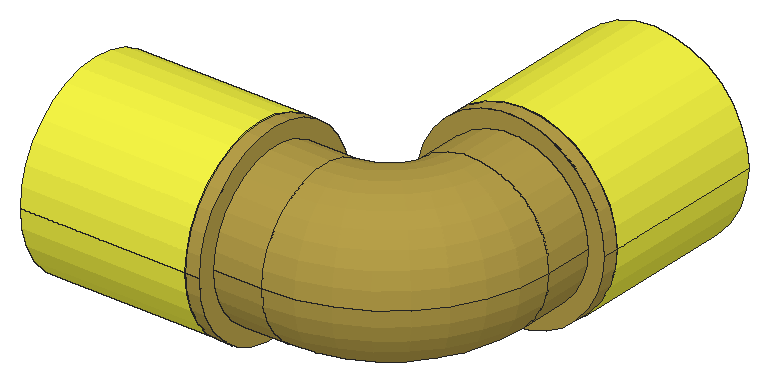
Revit family "Фитинг_Weser_Угольник_90°_равнопроходной", category Соединительные детали трубопроводов, Revit 2020
Family settings
  Размер круглого соединителя = Использовать диаметр
  Тип детали = Отвод
  Номер OmniClass = 23.60.30.11.14
  Заголовок OmniClass = Pipework Fittings
  На основе рабочей плоскости = Нет
  Всегда вертикально = Да
  При загрузке вырезать с полостями = Нет
  Общий = Да
Parameters (values of type "Латунь")
  Угол [instance] = 90.00°
  Радиус изгиба [instance] = WSR_D1 / 2 + 1 mm  # 17 mm
  Отметка по умолчанию = 0 mm
  Материал = Латунь
  WSR_D1 [instance] = 32 mm
  URL = "https://www.weser.ru/about/documentation/"
  Type Image = (empty or 0)
  Model = ""
  Manufacturer = ""
  LT = "Фитинг_Weser_Угольник_90°_равнопроходной(Наименование)"
  Description = ""
  D [instance] = size_lookup(LT, "D", WSR_D1 * 2, WSR_D1)  # 62.2 mm
  C [instance] = size_lookup(LT, "C", WSR_D1, WSR_D1)  # 32.2 mm
  B [instance] = size_lookup(LT, "B", WSR_D1 + 5 mm, WSR_D1)  # 39 mm
  ADSK_Наименование краткое = "Уг."  # constant formula
  ADSK_Наименование [instance] = size_lookup(LT, "", "не найдено", WSR_D1)  # "Угольник 90° равнопроходной DN32"
  ADSK_Масса_Текст [instance] = ""
  ADSK_Масса [instance] = 0
  ADSK_Марка = "WESERpex "  # constant formula
  ADSK_Код изделия [instance] = size_lookup(LT, "art", "не найдено", WSR_D1)  # "520108"
  ADSK_Завод-изготовитель = "Weser"  # constant formula
  ADSK_Единица измерения = "шт."  # constant formula
  ADSK_Группирование [instance] = ""
  A [instance] = size_lookup(LT, "A", WSR_D1 - 1 mm, WSR_D1)  # 25.5 mm
Reference planes
  plane 1 "Center (Front/Back)": y = 0
  plane 2: z = 0
  plane 3 "Center (Left/Right)": x = 0
  plane 4: x = -17
  plane 5: y = 17
  plane 6: x = -62.2
  plane 7 "b2": x = -30
  plane 8 "b1": y = 30
  plane 9: y = 62.2
  plane 10: y = 27
  plane 11: x = -27
Forms (mm)
  Sweep 1, solid, material "Латунь" <- "Материал", detail levels fine
    path in 3D
      loop
        arc (-17, 0, 0) -> (-4.979, 4.979, 0) -> (0, 17, 0) r 17
    profile origin (-4.979, 4.979, 0) x (-0.707107, 0.707107, 0) y (0, 0, 1)
      loop
        circle (0, 0) r 16
  Sweep 2, solid, material "Латунь" <- "Материал", detail levels fine
    path origin (0, 0, 0) x (1, 0, 0) y (0, 1, 0)
      loop
        line (-30, 0) -> (-17, 0)
    profile origin (-23.5, 0, 0) x (0, 1, 0) y (0, 0, 1)
      loop
        circle (0, 0) r 16
  Sweep 3, solid, material "Латунь" <- "Материал", detail levels fine
    path in 3D
      loop
        line (0, 17, 0) -> (0, 30, 0)
    profile origin (0, 23.5, 0) x (-1, 0, 0) y (0, 0, 1)
      loop
        circle (0, 0) r 16
  Sweep 4, solid, material "Латунь" <- "Материал", detail levels fine
    path origin (0, 0, 0) x (1, 0, 0) y (0, 1, 0)
      loop
        line (-62.2, 0) -> (-30, 0)
    profile origin (-46.1, 0, 0) x (0, 1, 0) y (0, 0, 1)
      loop
        circle (0, 0) r 12.75
  Extrusion 5, solid, material "Латунь" <- "Материал", detail levels fine
    sketch origin (0, 30, 0) x (-1, 0, 0) y (0, 0, 1)
      loop
        circle (0, 0) r 12.75
    from 0 to 32.2
  Extrusion 6, solid, material "Латунь" <- "Материал", detail levels fine
    sketch origin (0, 30, 0) x (-1, 0, 0) y (0, 0, 1)
      loop
        circle (0, 0) r 19.5
    from 0 to -3
  Extrusion 7, solid, material "Латунь" <- "Материал", detail levels fine
    sketch origin (-30, 0, 0) x (0, 1, 0) y (0, 0, 1)
      loop
        circle (0, 0) r 19.5
    from 0 to 3
Cuts and joins
  joined: Sweep 1, Sweep 2, Sweep 3, Extrusion 5, Extrusion 6, Extrusion 7
Lines and regions (mm)
  reference lines
    curve 1: arc (-17, 0, 0) -> (-4.979, 4.979, 0) -> (0, 17, 0) r 17
    curve 2: line (0, 0, 0) -> (0, 63.2, 0)
    curve 3: line (0, 0, 0) -> (0, 30, 0)
    curve 4: line (0, 17, 0) -> (0, 30, 0)
    curve 7: line (0, 30, 0) -> (0, 63.2, 0)
  sketch lines
    curve 5: arc (-17, 0, 0) -> (-4.979, 4.979, 0) -> (0, 17, 0) r 17
    curve 6: line (0, 17, 0) -> (0, 30, 0)
  model lines, detail levels coarse+medium
    curve 8: line (0, 62.2, 0) -> (0, 15, 0)
    curve 9: line (-15, 0, 0) -> (-62.2, 0, 0)
    curve 10: arc (-15, 0, 0) -> (-4.393, 4.393, 0) -> (0, 15, 0) r 15
    curve 11: line (-17, 62.2, 0) -> (17, 62.2, 0)
    curve 12: line (-62.2, 17, 0) -> (-62.2, -17, 0)
Dimensions and locks
  "Радиус изгиба": plane 4 to plane 3 "Center (Left/Right)"  (x2)
  plane 5 to plane 1 "Center (Front/Back)" = 17 mm
  "D": plane 6 to plane 3 "Center (Left/Right)"
  "C": plane 6 to plane 7 "b2"
  "D": plane 1 "Center (Front/Back)" to plane 9
  "C": plane 9 to plane 8 "b1"
  plane 8 "b1" to plane 10 = 3 mm
  plane 7 "b2" to plane 11 = 3 mm
  "Радиус изгиба": plane 1 "Center (Front/Back)" to plane 5
  equal spacing: plane 4, plane 3 "Center (Left/Right)", curve 11
  equal spacing: plane 5, plane 1 "Center (Front/Back)", curve 12
  "Радиус изгиба": radius of curve 1
  "WSR_D1": diameter of Sweep 1 sketch curve
  "WSR_D1": diameter of Sweep 2 sketch curve
  "WSR_D1": diameter of Sweep 3 sketch curve
  "A": diameter of Sweep 4 sketch curve
  "A": diameter of Extrusion 5 sketch curve
  "B": diameter of Extrusion 6 sketch curve
  "B": diameter of Extrusion 7 sketch curve
  "Угол": angle curve 1 to curve 1
  "Угол": angle plane 1 "Center (Front/Back)" to nested 1
  aligned and locked: level to plane 2
  aligned and locked: plane 3 "Center (Left/Right)" to curve 2
  aligned and locked: plane 1 "Center (Front/Back)" to curve 2
  aligned and locked: plane 7 "b2" to Sweep 2 sketch curve
  aligned and locked: plane 4 to Sweep 2 sketch curve
  aligned and locked: plane 1 "Center (Front/Back)" to Sweep 2 sketch curve
  aligned and locked: plane 6 to Sweep 4 sketch curve
  aligned and locked: plane 7 "b2" to Sweep 4 sketch curve
  aligned and locked: plane 1 "Center (Front/Back)" to Sweep 4 sketch curve
  aligned and locked: nested 1 to Sweep 3
  aligned and locked: plane 7 "b2" to nested 2
  aligned and locked: plane 1 "Center (Front/Back)" to nested 2
  aligned and locked: plane 9 to Extrusion 5
  aligned and locked: Extrusion 6 to plane 10
  aligned and locked: plane 11 to Extrusion 7
  aligned and locked: curve 9 to plane 1 "Center (Front/Back)"
  aligned and locked: plane 6 to curve 9
  aligned and locked: plane 9 to curve 8
  aligned and locked: curve 8 to plane 3 "Center (Left/Right)"
  aligned and locked: plane 4 to curve 11
  aligned and locked: plane 5 to curve 12
  aligned and locked: curve 11 to plane 9
  aligned and locked: curve 12 to plane 6
Automatic sketch dimensions
  plane 4 to curve 9 = 2 mm
  plane 1 "Center (Front/Back)" to curve 1 = 0 mm
  curve 4 to plane 5 = 0 mm
  curve 7 to plane 8 "b1" = 0 mm
  plane 9 to curve 7 = 1 mm
  Sweep 1 sketch curve to profile plane = 0 mm
  profile plane to Sweep 1 sketch curve = 0 mm
  Sweep 2 sketch curve to level = 0 mm
  Sweep 2 sketch curve to profile plane = 0 mm
  Sweep 3 sketch curve to profile plane = 0 mm  (x2)
  Sweep 4 sketch curve to profile plane = 0 mm  (x2)
  Extrusion 5 sketch curve to level = 0 mm
  Extrusion 5 sketch curve to plane 3 "Center (Left/Right)" = 0 mm
  Extrusion 6 sketch curve to level = 0 mm
  Extrusion 6 sketch curve to plane 3 "Center (Left/Right)" = 0 mm
  Extrusion 7 sketch curve to level = 0 mm
  Extrusion 7 sketch curve to plane 1 "Center (Front/Back)" = 0 mm
Nested families
  nested 1: "Фитинг_Weser_Гильза монтажная, латунь" at (0, 30, 0) x (0, 1, 0) z (0, 0, 1), ADSK_Диаметр условный <- "WSR_D1", type "Желтая", detail levels fine
    with Радиус Наружный 19.5 mm, Радиус Внутренний 16.4 mm, ADSK_Наименование "Гильза монтажная DN32", Длина 34 mm, Видимость yes, ADSK_Примечание "", ADSK_Масса_Текст "", ADSK_Код изделия "520032", ADSK_Диаметр условный 32 mm, ADSK_Группирование "", ADSK_URL страницы изделия "", ADSK_URL документации изделия ""
  nested 2: "Фитинг_Weser_Гильза монтажная, латунь" at (-64, 0, 0), ADSK_Диаметр условный <- "WSR_D1", type "Желтая", detail levels fine
    with Радиус Наружный 19.5 mm, Радиус Внутренний 16.4 mm, ADSK_Наименование "Гильза монтажная DN32", Длина 34 mm, Видимость yes, ADSK_Примечание "", ADSK_Масса_Текст "", ADSK_Код изделия "520032", ADSK_Диаметр условный 32 mm, ADSK_Группирование "", ADSK_URL страницы изделия "", ADSK_URL документации изделия ""
Connectors
  piping at (-30, 0, 0), diameter 32, driven by "Угол", driven by "WSR_D1"
    settings: on Sweep 2, index 2, connector inside diameter 609.6 mm, connector length 0 mm, flow factor 0, pipe flow 0.0 L/s, pressure drop 0.0 Pa, fitting loss kfactor 0, connector angle 90.00°, fixture units 0, engagement length 0 mm, angle of deflection 0.00°, flow configuration 0, flow direction 0, fitting loss method 0, system type 29, joint type 0, gender type 0, connector reference index 3, connector utility 0, adjustable connector no, is connector primary yes, connector description ""
  piping at (0, 30, 0), diameter 32, driven by "WSR_D1"
    settings: on nested 1, index 3, connector inside diameter 609.6 mm, connector length 0 mm, flow factor 0, pipe flow 0.0 L/s, pressure drop 0.0 Pa, fitting loss kfactor 0, connector angle 0.00°, fixture units 0, engagement length 0 mm, angle of deflection 0.00°, flow configuration 0, flow direction 0, fitting loss method 0, system type 29, joint type 0, gender type 0, connector reference index 2, connector utility 0, adjustable connector no, is connector primary no, connector description ""
Definition of nested family "Фитинг_Weser_Гильза монтажная, латунь"
  Parameters (values of type "Желтая")
    Радиус Внутренний [instance] = size_lookup(Поиск в таблице имен, "Rv", ADSK_Диаметр условный / 1.9, ADSK_Диаметр условный)  # 16.4 mm
    Поиск в таблице имен 2 = "Фитинг_Weser_Гильза_монтажная_латунь(Код)"
    Default Elevation = 0 mm
    Материал = none
    Видимость [instance] = yes
    URL = ""
    Type Image = (empty or 0)
    Manufacturer = ""
    Поиск в таблице имен = "Фитинг_Weser_Гильза_монтажная_латунь(Наименование)"
    Длина [instance] = size_lookup(Поиск в таблице имен, "Length", ADSK_Диаметр условный, ADSK_Диаметр условный)  # 34 mm
    Радиус Наружный [instance] = size_lookup(Поиск в таблице имен, "Rn", ADSK_Диаметр условный / 1.5, ADSK_Диаметр условный)  # 19.5 mm
    Description = ""
    ADSK_Примечание [instance] = ""
    ADSK_Наименование краткое = ""
    ADSK_Наименование [instance] = size_lookup(Поиск в таблице имен, "", "Решение не найдено", ADSK_Диаметр условный)  # "Гильза монтажная DN32"
    ADSK_Масса_Текст [instance] = ""
    ADSK_Марка = ""
    ADSK_Код изделия [instance] = size_lookup(Поиск в таблице имен 2, "", "Решение не найдено", ADSK_Диаметр условный)  # "520032"
    ADSK_Завод-изготовитель = ""
    ADSK_Единица измерения = "шт."  # constant formula
    ADSK_Диаметр условный [instance] = 32 mm
    ADSK_Группирование [instance] = ""
    ADSK_URL страницы изделия [instance] = ""
    ADSK_URL документации изделия [instance] = ""
  Reference planes
    plane 1 "Center (Front/Back)": y = 0
    plane 2: z = 0
    plane 3 "Center (Left/Right)": x = 0
    plane 4: x = 34
    plane 5: y = 19.5
    plane 6: y = 50
    plane 7: y = 16.4
    plane 8: x = 5
  Forms (mm)
    Revolve 1, solid, material <- "Материал", visible <- "Видимость", detail levels fine
      sketch origin (0, 0, 0) x (1, 0, 0) y (0, 1, 0)
        loop
          line (0, 16.4) -> (34, 16.4) -> (34, 19.5) -> (0, 19.5) -> (0, 16.4)
        axis (34, 0) -> (0, 0)
      angle from 0 to 360
  Lines and regions (mm)
    reference lines
      curve 1: line (0, 0, 0) -> (34, 0, 0)
  Dimensions and locks
    "Длина": plane 3 "Center (Left/Right)" to plane 4
    "Радиус Наружный": plane 5 to plane 1 "Center (Front/Back)"
    locked: plane 6 to plane 1 "Center (Front/Back)" at 50
    "Радиус Внутренний": plane 7 to plane 1 "Center (Front/Back)"
    locked: plane 3 "Center (Left/Right)" to plane 8 at 5
    aligned and locked: level to plane 2
    aligned and locked: plane 4 to curve 1
    aligned and locked: plane 3 "Center (Left/Right)" to curve 1
    aligned and locked: plane 1 "Center (Front/Back)" to curve 1
    aligned and locked: plane 4 to Revolve 1 sketch curve
    aligned and locked: Revolve 1 sketch curve to plane 5
    aligned and locked: plane 3 "Center (Left/Right)" to Revolve 1 sketch curve
    aligned and locked: Revolve 1 sketch curve to plane 7
  Automatic sketch dimensions
    plane 1 "Center (Front/Back)" to Revolve 1 sketch curve = 0 mm
    Revolve 1 sketch curve to plane 3 "Center (Left/Right)" = 78.702 mm
    plane 4 to Revolve 1 sketch curve = 90.298 mm
